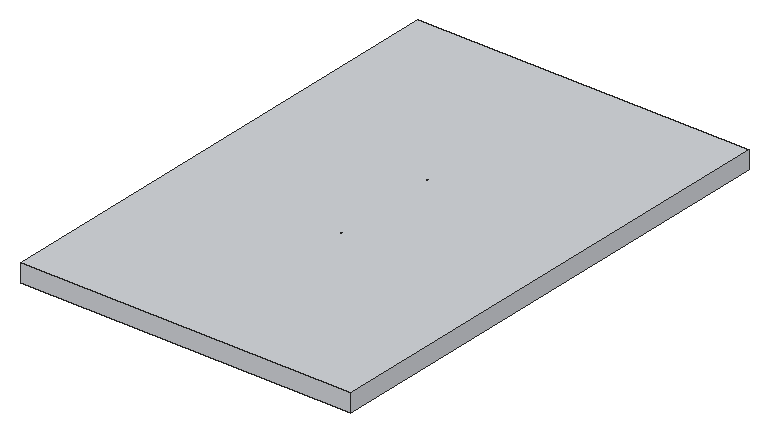
Revit family "ABW-R1X08525xx", category Leuchten, Revit 2019
Family settings
  Basisbauteil = Fläche
  Bemaßung runder Anschluss = Durchmesser verwenden
  Teiletyp = Normal
  OmniClass-Nummer = 23.80.70.11
  OmniClass-Titel = Luminaries for Internal Lighting
  Beim Laden mit Abzugskörper schneiden = Nein
  Lichtquelle = Ja
  Gemeinsam genutzt = Nein
  Raumberechnungspunkt = Nein
Parameters (values of type "ABW-R1X085/25DA")
  width = 193 mm  # constant formula
  weight = "3,492"
  voltage type (AC, DC, UC) = "AC"
  suspension hight [instance] = 0 mm
  rated input power = 22  # constant formula
  product name = "ABW-R1X085/25DA"
  nominal voltage = "230"
  nominal frequency = "50-60Hz"
  length = 900 mm  # constant formula
  ingress protection (IP) code = "IP20"
  height = 72 mm  # constant formula
  electrical safety class = "1"
  control gear = ""
  conformity mark = "CE"  # constant formula
  brand = "RIDI"
  approval mark = ""
  built-in parameter 1150104 = 13.8 (stored number, unit not read)
  Wattage = 15.228 W
  Von Breite des Rechtecks ausssenden = 898 mm  # constant formula
  Von Länge des Rechtecks aussenden = 132 mm  # constant formula
  Default Elevation = 0 mm
  built-in parameter 1150113 = 1 (stored number, unit not read)
  built-in parameter 1114218 = 1 (stored number, unit not read)
  URL = "www.ridi.de"
  built-in parameter 1150134 = 12
  built-in parameter 1150109 = 1 (stored number, unit not read)
  built-in parameter 1150110 = 1 (stored number, unit not read)
  Apparent Load = 22 VA  # constant formula
  Tilt Angle = 90.00°
  Modell = "0660347"
  built-in parameter 1114217 = 1 (stored number, unit not read)
  built-in parameter 1150139 = (empty or 0)
  built-in parameter 1150105 = 180 (stored number, unit not read)
  built-in parameter 1150114 = 1 (stored number, unit not read)
  Lumens = 2262 lm
  built-in parameter 1150115 = 1 (stored number, unit not read)
  built-in parameter 1150112 = 1 (stored number, unit not read)
  Lampe = "LED"
  Hersteller = "RIDI Leuchten GmbH"  # constant formula
  Dimming Lamp Color Temperature Shift = (empty or 0)
  Color Filter = 16777215
  built-in parameter 1150133 = 10 (stored number, unit not read)
  Emit Shape Visible in Rendering = no
  built-in parameter 1150137 = (empty or 0)
  built-in parameter 1150132 = 2
  Datei für fotometrisches Netz = "ABW-R1.IES"
  Copyright = "© RIDI. All rights reserved."  # constant formula
  built-in parameter 1150106 = 1.8 (stored number, unit not read)
  Baugruppenkennzeichen = "D5020200"
  built-in parameter 1150107 = 4000 (stored number, unit not read)
  built-in parameter 1150102 = (empty or 0)
  built-in parameter 1150138 = (empty or 0)
Types (3, lengths in mm): name | product name | Modell
  (no name) | "ABW-R1X085/25DA" | "0660347"
  ABW-R1X085/25ND | "ABW-R1X085/25ND" | "0650347"
  ABW-R1X085/25DA | "ABW-R1X085/25DA" | "0660347"
Reference planes
  plane 1 "Mitte (Vorne/hinten)": y = 0
  plane 2: z = 39.995
  plane 3 "Mitte (Links/rechts)": x = 0
  plane 4: z = 39.995
Forms (mm)
  Extrusion 1, solid
    sketch origin (219.2, 280.8, 39.995) x (1, 0, 0) y (0, 1, 0)
      loop
        line (-1219.2, 1219.2) -> (-1219.2, -1780.8) -> (780.8, -1780.8) -> (780.8, 1219.2) -> (-1219.2, 1219.2)
    from 0 to -107.307
  Extrusion 2, solid
    sketch origin (0, 0, 39.995) x (1, 0, 0) y (0, 1, 0)
      loop
        circle (-0.146, -326) r 1
      loop
        circle (-0.124, 325.5) r 1
    from -26.125 to 0
Dimensions and locks
  "suspension hight": plane 4 to Extrusion 1
  locked: Extrusion 2 to Extrusion 1 at 26.125
  plane 3 "Mitte (Links/rechts)" to imposter light = 13.555 mm
  Extrusion 2 sketch curve to imposter light = 325.5 mm
  imposter light to Extrusion 2 sketch curve = 326 mm
  aligned and locked: plane 2 to Extrusion 1
  aligned and locked: plane 4 to Extrusion 2
  aligned and locked: import instance to plane 4
  aligned and locked: import instance to imposter light
Automatic sketch dimensions
  Extrusion 1 sketch curve to Extrusion 1 sketch curve = 2000 mm
  Extrusion 1 sketch curve to Extrusion 1 sketch curve = 3000 mm
  Extrusion 2 sketch curve to plane 3 "Mitte (Links/rechts)" = 0.146 mm
  Extrusion 2 sketch curve to plane 3 "Mitte (Links/rechts)" = 0.124 mm
  radius of Extrusion 2 sketch curve = 1 mm  (x2)
Connectors
  electrical at (65, 0, 39.245), driven by "Apparent Load"
    settings: on import instance, index 1, voltage 230 V, apparent load 0 VA, apparent load phase1 22 VA, apparent load phase2 0 VA, apparent load phase3 0 VA, power factor 1, load classification "Lighting", number of poles 1, system type 31, power factor state 1, is connector primary yes, connector utility no, sub classification motor no, connector description ""
